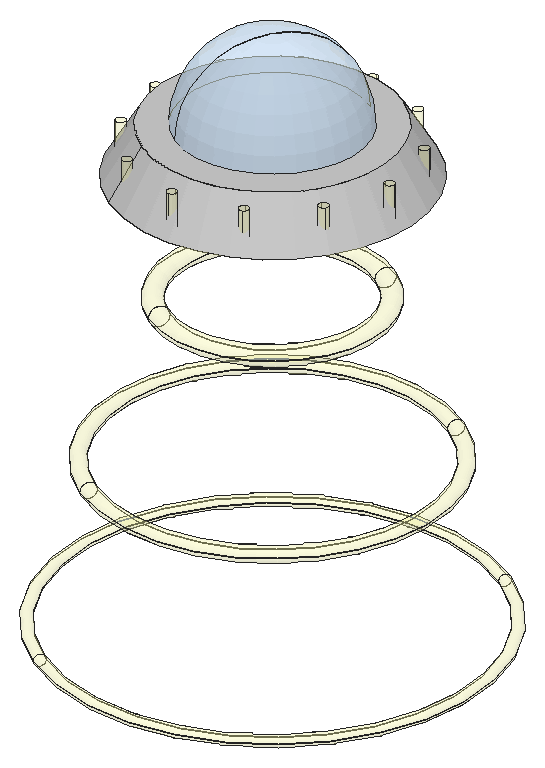
Revit family "UFO", category Generic Models, Revit 2020
Family settings
  Can host rebar = No
  Round Connector Dimension = Use Diameter
  Part Type = Normal
  Work Plane-Based = No
  Always vertical = Yes
  Cut with Voids When Loaded = No
  Shared = No
  Room Calculation Point = No
Parameters (values of type "UFO_main")
  angle [instance] = 58.00°
  Default Elevation = 0 mm
Reference planes
  plane 1 "Center (Front/Back)": y = 0
  plane 2: z = 0
  plane 3 "Center (Left/Right)": x = 0
Lines and regions (mm)
  reference lines
    curve 1: line (0, 0, 0) -> (1006.847, 1611.291, 0)
Dimensions and locks
  "angle": angle plane 1 "Center (Front/Back)" to curve 1
  aligned and locked: plane 2 to level
  aligned and locked: plane 1 "Center (Front/Back)" to curve 1
  aligned and locked: plane 3 "Center (Left/Right)" to curve 1
  aligned and locked: nested 1 to curve 1  (x2)
Nested families
  nested 1: "UFO_unit" at (0, 0, 6000) x (0.5299, 0.848, 0) z (0, 0, 1), type "UFO_unit"
Definition of nested family "UFO_unit"
  Parameters (values of type "UFO_unit")
    Default Elevation = 0 mm
  Reference planes
    plane 1 "Center (Front/Back)": y = 0
    plane 2: z = 0
    plane 3 "Center (Left/Right)": x = 0
  Forms (mm)
    Blend 1, solid
      base sketch origin (0, 0, 0) x (1, 0, 0) y (0, 1, 0)
        loop
          circle (0, 0) r 1500
      top sketch origin (0, 0, 0) x (1, 0, 0) y (0, 1, 0)
        loop
          circle (0, 0) r 1200
      from 0 to 500
    Revolve 2, solid
      sketch origin (0, 0, 0) x (1, 0, 0) y (0, 0, 1)
        loop
          arc (900, 500) -> (636.396, 1136.396) -> (0, 1400) r 900
          line (0, 1400) -> (0, 500) -> (900, 500)
        axis (0, 1400) -> (0, 500)
      angle from 0 to 360
    Extrusion 3, solid
      sketch origin (-900, 0, 0) x (1, 0, 0) y (0, 1, 0)
        loop
          circle (2234.357, 0) r 50
      from 50 to 400
    Extrusion 4, solid
      sketch origin (-779.423, 450, 0) x (0.866025, -0.5, 0) y (0.5, 0.866025, 0)
        loop
          circle (2234.357, 0) r 50
      from 50 to 400
    Extrusion 5, solid
      sketch origin (-779.423, -450, 0) x (0.866025, 0.5, 0) y (-0.5, 0.866025, 0)
        loop
          circle (2234.357, 0) r 50
      from 50 to 400
    Extrusion 6, solid
      sketch origin (-450, -779.423, 0) x (0.5, 0.866025, 0) y (-0.866025, 0.5, 0)
        loop
          circle (2234.357, 0) r 50
      from 50 to 400
    Extrusion 7, solid
      sketch origin (0, -900, 0) x (0, 1, 0) y (-1, 0, 0)
        loop
          circle (2234.357, 0) r 50
      from 50 to 400
    Extrusion 8, solid
      sketch origin (450, -779.423, 0) x (-0.5, 0.866025, 0) y (-0.866025, -0.5, 0)
        loop
          circle (2234.357, 0) r 50
      from 50 to 400
    Extrusion 9, solid
      sketch origin (779.423, -450, 0) x (-0.866025, 0.5, 0) y (-0.5, -0.866025, 0)
        loop
          circle (2234.357, 0) r 50
      from 50 to 400
    Extrusion 10, solid
      sketch origin (900, 0, 0) x (-1, 0, 0) y (0, -1, 0)
        loop
          circle (2234.357, 0) r 50
      from 50 to 400
    Extrusion 11, solid
      sketch origin (779.423, 450, 0) x (-0.866025, -0.5, 0) y (0.5, -0.866025, 0)
        loop
          circle (2234.357, 0) r 50
      from 50 to 400
    Extrusion 12, solid
      sketch origin (450, 779.423, 0) x (-0.5, -0.866025, 0) y (0.866025, -0.5, 0)
        loop
          circle (2234.357, 0) r 50
      from 50 to 400
    Extrusion 13, solid
      sketch origin (0, 900, 0) x (0, -1, 0) y (1, 0, 0)
        loop
          circle (2234.357, 0) r 50
      from 50 to 400
    Extrusion 14, solid
      sketch origin (-450, 779.423, 0) x (0.5, -0.866025, 0) y (0.866025, 0.5, 0)
        loop
          circle (2234.357, 0) r 50
      from 50 to 400
    Sweep 15, solid
      path in 3D
        loop
          arc (-500, 0, 0) -> (0, -500, 0) -> (500, 0, 0) r 500
          arc (500, 0, 0) -> (0, 500, 0) -> (-500, 0, 0) r 500
      profile "profile : DD" origin (0, 500, 0) x (0, -1, 0) y (0, 0, 1)
        loop
          circle (-1629.857, -4421.73) r 60
        loop
          circle (-1183.611, -2822.233) r 80
        loop
          circle (-537.701, -1215.914) r 100
  Lines and regions (mm)
    reference lines
      curve 1: circle (0, 0, 0) r 500 normal (0, 0, 1)
    sketch lines
      curve 2: circle (0, 0, 0) r 500 normal (0, 0, 1)
  Dimensions and locks
    aligned and locked: plane 2 to level
